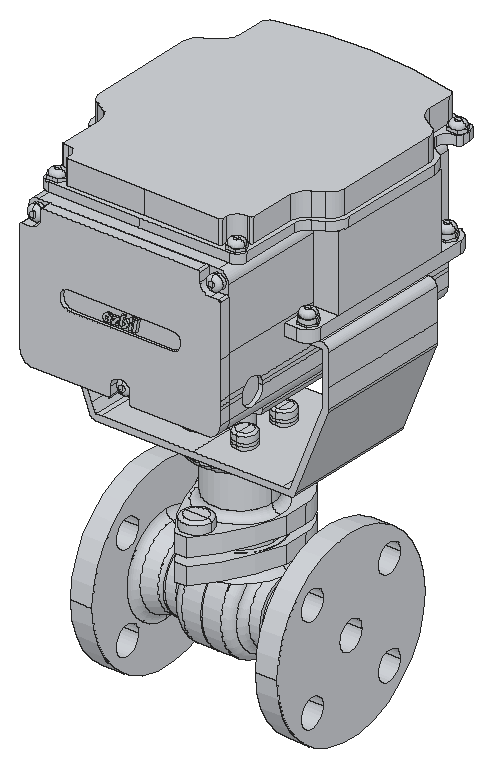
Revit family "電動二方弁(ロゴあり)", category Electrical Equipment, Revit 2020 (continued)
Automatic sketch dimensions
  Revolve 33 sketch curve to Revolve 33 sketch curve = 0 mm  (x3)
  Revolve 34 sketch curve to plane 1 "中心(正面/背面)" = 6.975 mm
  Revolve 34 sketch curve to Revolve 34 sketch curve = 5.525 mm
  level to Revolve 34 sketch curve = 125.7 mm
  Revolve 34 sketch curve to Revolve 34 sketch curve = 1.6 mm
  Revolve 34 sketch curve to Revolve 34 sketch curve = 3.2 mm
  Revolve 34 sketch curve to Revolve 34 sketch curve = 0 mm  (x3)
  Revolve 35 sketch curve to plane 3 "中心(左/右)" = 0 mm  (x2)
  Revolve 35 sketch curve to plane 3 "中心(左/右)" = 4.75 mm
  level to Revolve 35 sketch curve = 137.956 mm
  Revolve 35 sketch curve to Revolve 35 sketch curve = 1.544 mm
  Revolve 35 sketch curve to Revolve 35 sketch curve = 0 mm  (x2)
  Revolve 36 sketch curve to plane 3 "中心(左/右)" = 0 mm  (x2)
  Revolve 36 sketch curve to Revolve 36 sketch curve = 10.268 mm
  Revolve 36 sketch curve to Revolve 36 sketch curve = 8.578 mm
  Revolve 36 sketch curve to Revolve 36 sketch curve = 1.153 mm
  Revolve 36 sketch curve to Revolve 36 sketch curve = 6.678 mm
  Revolve 36 sketch curve to Revolve 36 sketch curve = 2.476 mm
  level to Revolve 36 sketch curve = 65.495 mm
  Revolve 36 sketch curve to Revolve 36 sketch curve = 2.236 mm
  Revolve 36 sketch curve to Revolve 36 sketch curve = 3.62 mm
  Revolve 36 sketch curve to Revolve 36 sketch curve = 4.769 mm
  Revolve 36 sketch curve to Revolve 36 sketch curve = 3.897 mm
  Revolve 36 sketch curve to Revolve 36 sketch curve = 0 mm  (x2)
  Extrusion 37 sketch curve to plane 3 "中心(左/右)" = 47 mm
  Extrusion 37 sketch curve to Extrusion 37 sketch curve = 2.5 mm
  Extrusion 37 sketch curve to Extrusion 37 sketch curve = 3 mm
  Extrusion 37 sketch curve to Extrusion 37 sketch curve = 1.558 mm
  plane 3 "中心(左/右)" to Extrusion 37 sketch curve = 44 mm
  Extrusion 37 sketch curve to Extrusion 37 sketch curve = 0.5 mm
  Extrusion 37 sketch curve to Extrusion 37 sketch curve = 0.525 mm
  Extrusion 37 sketch curve to Extrusion 37 sketch curve = 2.475 mm
  level to Extrusion 37 sketch curve = 164.5 mm
  Extrusion 37 sketch curve to Extrusion 37 sketch curve = 1.5 mm
  Extrusion 37 sketch curve to Extrusion 37 sketch curve = 1.652 mm
  Extrusion 37 sketch curve to Extrusion 37 sketch curve = 1.962 mm
  Revolve 38 sketch curve to plane 3 "中心(左/右)" = 0 mm  (x2)
  Revolve 38 sketch curve to plane 3 "中心(左/右)" = 5.688 mm
  Revolve 38 sketch curve to Revolve 38 sketch curve = 1.896 mm
  level to Revolve 38 sketch curve = 90.3 mm
  Revolve 38 sketch curve to Revolve 38 sketch curve = 3.216 mm
  Revolve 38 sketch curve to Revolve 38 sketch curve = 1.117 mm
  Revolve 38 sketch curve to Revolve 38 sketch curve = 0 mm  (x2)
  Revolve 39 sketch curve to plane 3 "中心(左/右)" = 0 mm  (x2)
  Revolve 39 sketch curve to plane 3 "中心(左/右)" = 16.5 mm
  Revolve 39 sketch curve to Revolve 39 sketch curve = 2 mm  (x2)
  Revolve 39 sketch curve to Revolve 39 sketch curve = 4 mm  (x2)
  level to Revolve 39 sketch curve = 90.3 mm
  Revolve 39 sketch curve to Revolve 39 sketch curve = 19 mm
  Revolve 39 sketch curve to Revolve 39 sketch curve = 0 mm  (x4)
  Revolve 40 sketch curve to plane 3 "中心(左/右)" = 0 mm  (x2)
  Revolve 40 sketch curve to plane 3 "中心(左/右)" = 4 mm
  level to Revolve 40 sketch curve = 77 mm
  Revolve 40 sketch curve to Revolve 40 sketch curve = 4.3 mm
  Revolve 40 sketch curve to Revolve 40 sketch curve = 1.5 mm
  Revolve 40 sketch curve to Revolve 40 sketch curve = 0 mm
  plane 3 "中心(左/右)" to Extrusion 41 sketch curve = 51.5 mm
  Extrusion 41 sketch curve to Extrusion 41 sketch curve = 5.8 mm
  Extrusion 41 sketch curve to Extrusion 41 sketch curve = 6 mm
  Extrusion 41 sketch curve to Extrusion 41 sketch curve = 6.5 mm
  Extrusion 41 sketch curve to Extrusion 41 sketch curve = 0.5 mm
  Extrusion 41 sketch curve to Extrusion 41 sketch curve = 3.7 mm
  Extrusion 41 sketch curve to Extrusion 41 sketch curve = 7 mm
  plane 1 "中心(正面/背面)" to Extrusion 41 sketch curve = 36.395 mm
  Extrusion 41 sketch curve to plane 1 "中心(正面/背面)" = 60.605 mm
  Extrusion 41 sketch curve to Extrusion 41 sketch curve = 0.7 mm
  Extrusion 41 sketch curve to Extrusion 41 sketch curve = 7.785 mm
  Extrusion 41 sketch curve to Extrusion 41 sketch curve = 2.098 mm
  Extrusion 41 sketch curve to Extrusion 41 sketch curve = 0 mm
  Extrusion 41 sketch curve to Extrusion 41 sketch curve = 1.226 mm
  Extrusion 42 sketch curve to plane 3 "中心(左/右)" = 51.5 mm
  Extrusion 42 sketch curve to Extrusion 42 sketch curve = 5.8 mm
  Extrusion 42 sketch curve to Extrusion 42 sketch curve = 6 mm
  Extrusion 42 sketch curve to Extrusion 42 sketch curve = 6.5 mm
  Extrusion 42 sketch curve to Extrusion 42 sketch curve = 0.5 mm
  Extrusion 42 sketch curve to Extrusion 42 sketch curve = 3.7 mm
  Extrusion 42 sketch curve to Extrusion 42 sketch curve = 7 mm
  Extrusion 42 sketch curve to plane 1 "中心(正面/背面)" = 69.302 mm
  Extrusion 42 sketch curve to Extrusion 42 sketch curve = 0.212 mm
  Extrusion 42 sketch curve to Extrusion 42 sketch curve = 7.997 mm
  Extrusion 42 sketch curve to Extrusion 42 sketch curve = 0.7 mm
  plane 1 "中心(正面/背面)" to Extrusion 42 sketch curve = 29.395 mm
  Extrusion 42 sketch curve to Extrusion 42 sketch curve = 0 mm
  Extrusion 42 sketch curve to Extrusion 42 sketch curve = 1.226 mm
  Extrusion 43 sketch curve to plane 3 "中心(左/右)" = 64.592 mm
  Extrusion 43 sketch curve to Extrusion 43 sketch curve = 3.729 mm
  Extrusion 43 sketch curve to Extrusion 43 sketch curve = 1.085 mm  (x2)
  Extrusion 43 sketch curve to Extrusion 43 sketch curve = 2.797 mm  (x4)
  Extrusion 43 sketch curve to Extrusion 43 sketch curve = 7.85 mm
  Extrusion 43 sketch curve to Extrusion 43 sketch curve = 2.643 mm
  Extrusion 43 sketch curve to level = 130.361 mm
  Extrusion 43 sketch curve to Extrusion 43 sketch curve = 1.447 mm
  Extrusion 44 sketch curve to plane 3 "中心(左/右)" = 28.5 mm
  plane 3 "中心(左/右)" to Extrusion 44 sketch curve = 28.5 mm
  level to Extrusion 44 sketch curve = 161 mm
  Extrusion 44 sketch curve to Extrusion 44 sketch curve = 0.788 mm
  Revolve 45 sketch curve to plane 3 "中心(左/右)" = 60.5 mm
  Revolve 45 sketch curve to Revolve 45 sketch curve = 2.25 mm
  level to Revolve 45 sketch curve = 197.236 mm
  Revolve 45 sketch curve to Revolve 45 sketch curve = 2.264 mm
  Revolve 45 sketch curve to Revolve 45 sketch curve = 0 mm
  Revolve 45 sketch curve to Revolve 45 sketch curve = 0.936 mm
  Revolve 45 sketch curve to Revolve 45 sketch curve = 1.8 mm
  Revolve 46 sketch curve to plane 3 "中心(左/右)" = 60.5 mm
  Revolve 46 sketch curve to Revolve 46 sketch curve = 2.25 mm
  level to Revolve 46 sketch curve = 197.236 mm
  Revolve 46 sketch curve to Revolve 46 sketch curve = 2.264 mm
  Revolve 46 sketch curve to Revolve 46 sketch curve = 0 mm
  Revolve 46 sketch curve to Revolve 46 sketch curve = 0.936 mm
  Revolve 46 sketch curve to Revolve 46 sketch curve = 1.8 mm
  plane 3 "中心(左/右)" to Revolve 47 sketch curve = 56.375 mm
  Revolve 47 sketch curve to Revolve 47 sketch curve = 2.25 mm
  level to Revolve 47 sketch curve = 197.236 mm
  Revolve 47 sketch curve to Revolve 47 sketch curve = 2.264 mm
  Revolve 47 sketch curve to Revolve 47 sketch curve = 0 mm
  Revolve 47 sketch curve to Revolve 47 sketch curve = 0.936 mm
  Revolve 47 sketch curve to Revolve 47 sketch curve = 1.8 mm
  plane 3 "中心(左/右)" to Revolve 48 sketch curve = 56.375 mm
  Revolve 48 sketch curve to Revolve 48 sketch curve = 2.25 mm
  level to Revolve 48 sketch curve = 197.236 mm
  Revolve 48 sketch curve to Revolve 48 sketch curve = 2.264 mm
  Revolve 48 sketch curve to Revolve 48 sketch curve = 0 mm
  Revolve 48 sketch curve to Revolve 48 sketch curve = 0.936 mm
  Revolve 48 sketch curve to Revolve 48 sketch curve = 1.8 mm
  Extrusion 49 sketch curve to plane 1 "中心(正面/背面)" = 25.952 mm
  Extrusion 49 sketch curve to plane 3 "中心(左/右)" = 74.125 mm
  Extrusion 49 sketch curve to plane 1 "中心(正面/背面)" = 13.532 mm  (x2)
  Extrusion 49 sketch curve to plane 3 "中心(左/右)" = 23 mm
  Extrusion 49 sketch curve to plane 3 "中心(左/右)" = 6.954 mm
  Extrusion 49 sketch curve to plane 3 "中心(左/右)" = 3.046 mm
  Extrusion 49 sketch curve to plane 3 "中心(左/右)" = 1.923 mm
  plane 3 "中心(左/右)" to Extrusion 49 sketch curve = 1.923 mm
  plane 3 "中心(左/右)" to Extrusion 49 sketch curve = 3.046 mm
  plane 3 "中心(左/右)" to Extrusion 49 sketch curve = 6.954 mm
  Extrusion 49 sketch curve to Extrusion 49 sketch curve = 51.125 mm
  Extrusion 49 sketch curve to plane 1 "中心(正面/背面)" = 1.214 mm  (x2)
  Revolve 50 sketch curve to plane 3 "中心(左/右)" = 0 mm  (x2)
  Revolve 50 sketch curve to plane 3 "中心(左/右)" = 23 mm
  Revolve 50 sketch curve to Revolve 50 sketch curve = 2 mm  (x2)
  level to Revolve 50 sketch curve = 115.3 mm
  Revolve 50 sketch curve to Revolve 50 sketch curve = 5.2 mm
  Revolve 50 sketch curve to Revolve 50 sketch curve = 0.2 mm
  Extrusion 51 sketch curve to plane 1 "中心(正面/背面)" = 25.952 mm
  Extrusion 51 sketch curve to plane 3 "中心(左/右)" = 74.125 mm
  Extrusion 51 sketch curve to plane 1 "中心(正面/背面)" = 13.532 mm  (x2)
  Extrusion 51 sketch curve to plane 3 "中心(左/右)" = 23 mm
  Extrusion 51 sketch curve to plane 3 "中心(左/右)" = 6.954 mm
  Extrusion 51 sketch curve to plane 3 "中心(左/右)" = 3.046 mm
  Extrusion 51 sketch curve to plane 3 "中心(左/右)" = 1.923 mm
  plane 3 "中心(左/右)" to Extrusion 51 sketch curve = 1.923 mm
  plane 3 "中心(左/右)" to Extrusion 51 sketch curve = 3.046 mm
  plane 3 "中心(左/右)" to Extrusion 51 sketch curve = 6.954 mm
  Extrusion 51 sketch curve to Extrusion 51 sketch curve = 51.125 mm
  Extrusion 51 sketch curve to plane 1 "中心(正面/背面)" = 1.214 mm  (x2)
  Revolve 52 sketch curve to plane 3 "中心(左/右)" = 0 mm  (x2)
  Revolve 52 sketch curve to plane 3 "中心(左/右)" = 17.5 mm
  level to Revolve 52 sketch curve = 77 mm
  Revolve 52 sketch curve to Revolve 52 sketch curve = 4.3 mm
  Revolve 52 sketch curve to Revolve 52 sketch curve = 0 mm  (x2)
  Extrusion 53 sketch curve to plane 1 "中心(正面/背面)" = 24.749 mm
  level to Extrusion 53 sketch curve = 72.249 mm
  Extrusion 54 sketch curve to plane 1 "中心(正面/背面)" = 24.749 mm
  level to Extrusion 54 sketch curve = 22.751 mm
  plane 1 "中心(正面/背面)" to Extrusion 55 sketch curve = 24.749 mm
  level to Extrusion 55 sketch curve = 22.751 mm
  plane 1 "中心(正面/背面)" to Extrusion 56 sketch curve = 24.749 mm
  level to Extrusion 56 sketch curve = 22.751 mm
  Extrusion 57 sketch curve to plane 1 "中心(正面/背面)" = 0 mm
  level to Extrusion 57 sketch curve = 47.5 mm
  plane 1 "中心(正面/背面)" to Revolve 58 sketch curve = 75.7 mm
  Revolve 58 sketch curve to Revolve 58 sketch curve = 2 mm
  Revolve 58 sketch curve to Revolve 58 sketch curve = 0.6 mm
  level to Revolve 58 sketch curve = 238.5 mm
  Revolve 58 sketch curve to Revolve 58 sketch curve = 1.75 mm
  Revolve 58 sketch curve to Revolve 58 sketch curve = 0 mm  (x3)
  plane 1 "中心(正面/背面)" to Revolve 59 sketch curve = 73.1 mm
  Revolve 59 sketch curve to Revolve 59 sketch curve = 1.6 mm
  level to Revolve 59 sketch curve = 238.5 mm
  Revolve 59 sketch curve to Revolve 59 sketch curve = 3.75 mm
  Revolve 59 sketch curve to Revolve 59 sketch curve = 0 mm  (x3)
  plane 1 "中心(正面/背面)" to Revolve 60 sketch curve = 75.7 mm
  Revolve 60 sketch curve to Revolve 60 sketch curve = 2 mm
  Revolve 60 sketch curve to Revolve 60 sketch curve = 0.6 mm
  level to Revolve 60 sketch curve = 238.5 mm
  Revolve 60 sketch curve to Revolve 60 sketch curve = 1.75 mm
  Revolve 60 sketch curve to Revolve 60 sketch curve = 0 mm  (x3)
  plane 1 "中心(正面/背面)" to Revolve 61 sketch curve = 73.1 mm
  Revolve 61 sketch curve to Revolve 61 sketch curve = 1.6 mm
  level to Revolve 61 sketch curve = 238.5 mm
  Revolve 61 sketch curve to Revolve 61 sketch curve = 3.75 mm
  Revolve 61 sketch curve to Revolve 61 sketch curve = 0 mm  (x3)
  plane 1 "中心(正面/背面)" to Revolve 62 sketch curve = 75.7 mm
  Revolve 62 sketch curve to Revolve 62 sketch curve = 2 mm
  Revolve 62 sketch curve to Revolve 62 sketch curve = 0.6 mm
  level to Revolve 62 sketch curve = 174.5 mm
  Revolve 62 sketch curve to Revolve 62 sketch curve = 1.75 mm
  Revolve 62 sketch curve to Revolve 62 sketch curve = 0 mm  (x3)
  plane 1 "中心(正面/背面)" to Revolve 63 sketch curve = 73.1 mm
  Revolve 63 sketch curve to Revolve 63 sketch curve = 1.6 mm
  level to Revolve 63 sketch curve = 174.5 mm
  Revolve 63 sketch curve to Revolve 63 sketch curve = 3.75 mm
  Revolve 63 sketch curve to Revolve 63 sketch curve = 0 mm  (x3)
  Extrusion 64 sketch curve to plane 3 "中心(左/右)" = 65 mm
  Extrusion 64 sketch curve to Extrusion 64 sketch curve = 13.382 mm
  Extrusion 64 sketch curve to Extrusion 64 sketch curve = 5.3 mm  (x2)
  level to Extrusion 64 sketch curve = 205.5 mm
  Extrusion 64 sketch curve to Extrusion 64 sketch curve = 33.2 mm
  Extrusion 64 sketch curve to Extrusion 64 sketch curve = 0 mm
  Extrusion 65 sketch curve to plane 3 "中心(左/右)" = 65 mm
  Extrusion 65 sketch curve to Extrusion 65 sketch curve = 13.382 mm
  Extrusion 65 sketch curve to Extrusion 65 sketch curve = 5.3 mm  (x2)
  Extrusion 65 sketch curve to level = 205.5 mm
  Extrusion 65 sketch curve to Extrusion 65 sketch curve = 33.2 mm
  Extrusion 65 sketch curve to Extrusion 65 sketch curve = 0 mm
  Extrusion 66 sketch curve to plane 3 "中心(左/右)" = 7.352 mm
  Extrusion 66 sketch curve to Extrusion 66 sketch curve = 0.489 mm
  Extrusion 66 sketch curve to Extrusion 66 sketch curve = 0.491 mm
  Extrusion 66 sketch curve to Extrusion 66 sketch curve = 0.142 mm
  Extrusion 66 sketch curve to Extrusion 66 sketch curve = 0.117 mm
  Extrusion 66 sketch curve to Extrusion 66 sketch curve = 0.229 mm
  Extrusion 66 sketch curve to Extrusion 66 sketch curve = 1.394 mm
  Extrusion 66 sketch curve to Extrusion 66 sketch curve = 0.569 mm
  Extrusion 66 sketch curve to Extrusion 66 sketch curve = 0.155 mm
  Extrusion 66 sketch curve to Extrusion 66 sketch curve = 0.378 mm
  Extrusion 66 sketch curve to Extrusion 66 sketch curve = 0.2 mm
  Extrusion 66 sketch curve to Extrusion 66 sketch curve = 1.855 mm
  Extrusion 66 sketch curve to Extrusion 66 sketch curve = 1.579 mm
  Extrusion 66 sketch curve to plane 3 "中心(左/右)" = 0.981 mm
  Extrusion 66 sketch curve to plane 3 "中心(左/右)" = 0.781 mm
  Extrusion 66 sketch curve to plane 3 "中心(左/右)" = 0.508 mm
  Extrusion 66 sketch curve to plane 3 "中心(左/右)" = 0.342 mm
  Extrusion 66 sketch curve to plane 3 "中心(左/右)" = 0.164 mm
  plane 3 "中心(左/右)" to Extrusion 66 sketch curve = 0.657 mm
  plane 3 "中心(左/右)" to Extrusion 66 sketch curve = 1.092 mm
  Extrusion 66 sketch curve to Extrusion 66 sketch curve = 0.289 mm
  Extrusion 66 sketch curve to Extrusion 66 sketch curve = 0.328 mm
  Extrusion 66 sketch curve to Extrusion 66 sketch curve = 0.178 mm
  Extrusion 66 sketch curve to Extrusion 66 sketch curve = 1.372 mm  (x3)
  Extrusion 66 sketch curve to Extrusion 66 sketch curve = 0.631 mm
  Extrusion 66 sketch curve to Extrusion 66 sketch curve = 1.319 mm
  Extrusion 66 sketch curve to Extrusion 66 sketch curve = 1.671 mm
  Extrusion 66 sketch curve to Extrusion 66 sketch curve = 2.215 mm
  Extrusion 66 sketch curve to Extrusion 66 sketch curve = 0.082 mm
  Extrusion 66 sketch curve to Extrusion 66 sketch curve = 1.435 mm
  Extrusion 66 sketch curve to Extrusion 66 sketch curve = 0.804 mm
  Extrusion 66 sketch curve to Extrusion 66 sketch curve = 2.601 mm
  Extrusion 66 sketch curve to Extrusion 66 sketch curve = 1.371 mm
  Extrusion 66 sketch curve to Extrusion 66 sketch curve = 1.566 mm
  level to Extrusion 66 sketch curve = 202.767 mm
  Extrusion 66 sketch curve to Extrusion 66 sketch curve = 0.735 mm
  Extrusion 66 sketch curve to Extrusion 66 sketch curve = 0.019 mm
  Extrusion 66 sketch curve to Extrusion 66 sketch curve = 0.754 mm  (x2)
  Extrusion 66 sketch curve to Extrusion 66 sketch curve = 0 mm  (x2)
  Extrusion 66 sketch curve to Extrusion 66 sketch curve = 0.88 mm
  Extrusion 66 sketch curve to Extrusion 66 sketch curve = 1.02 mm
  Extrusion 66 sketch curve to Extrusion 66 sketch curve = 1.135 mm
  Extrusion 66 sketch curve to Extrusion 66 sketch curve = 0.115 mm
  Extrusion 66 sketch curve to Extrusion 66 sketch curve = 0.255 mm
  Extrusion 66 sketch curve to Extrusion 66 sketch curve = 0.417 mm
  Extrusion 66 sketch curve to Extrusion 66 sketch curve = 0.589 mm
  Extrusion 66 sketch curve to Extrusion 66 sketch curve = 0.605 mm
  Extrusion 66 sketch curve to Extrusion 66 sketch curve = 1.352 mm
  Extrusion 66 sketch curve to Extrusion 66 sketch curve = 0.664 mm
  Extrusion 66 sketch curve to Extrusion 66 sketch curve = 0.822 mm
  Extrusion 66 sketch curve to Extrusion 66 sketch curve = 1.703 mm
  Extrusion 66 sketch curve to Extrusion 66 sketch curve = 0.199 mm
  Extrusion 66 sketch curve to Extrusion 66 sketch curve = 0.423 mm
  Extrusion 66 sketch curve to Extrusion 66 sketch curve = 1.398 mm
  Extrusion 66 sketch curve to Extrusion 66 sketch curve = 0.361 mm
  Extrusion 66 sketch curve to Extrusion 66 sketch curve = 1.151 mm
  Extrusion 66 sketch curve to Extrusion 66 sketch curve = 0.851 mm
  Extrusion 66 sketch curve to Extrusion 66 sketch curve = 2.516 mm
  Extrusion 66 sketch curve to Extrusion 66 sketch curve = 1.991 mm
  Extrusion 66 sketch curve to Extrusion 66 sketch curve = 1.645 mm
  Extrusion 66 sketch curve to Extrusion 66 sketch curve = 0.338 mm
  plane 3 "中心(左/右)" to Extrusion 66 sketch curve = 0.171 mm
  Extrusion 66 sketch curve to Extrusion 66 sketch curve = 0.13 mm
  Extrusion 66 sketch curve to Extrusion 66 sketch curve = 0.662 mm
  Extrusion 66 sketch curve to Extrusion 66 sketch curve = 1.164 mm
  Extrusion 67 sketch curve to plane 3 "中心(左/右)" = 7.567 mm
  plane 3 "中心(左/右)" to Extrusion 67 sketch curve = 1.228 mm
  level to Extrusion 67 sketch curve = 204.646 mm
  Extrusion 67 sketch curve to Extrusion 67 sketch curve = 0.831 mm  (x2)
  Extrusion 67 sketch curve to Extrusion 67 sketch curve = 0.039 mm
  Extrusion 68 sketch curve to plane 3 "中心(左/右)" = 25.841 mm
  plane 3 "中心(左/右)" to Extrusion 68 sketch curve = 26.159 mm
  level to Extrusion 68 sketch curve = 201.5 mm
  Extrusion 68 sketch curve to Extrusion 68 sketch curve = 5 mm
  Revolve 69 sketch curve to plane 3 "中心(左/右)" = 61.28 mm
  Revolve 69 sketch curve to Revolve 69 sketch curve = 1.501 mm
  Revolve 69 sketch curve to Revolve 69 sketch curve = 1.75 mm
  level to Revolve 69 sketch curve = 208.5 mm
  Revolve 69 sketch curve to Revolve 69 sketch curve = 1.322 mm
  Revolve 69 sketch curve to Revolve 69 sketch curve = 0 mm  (x2)
  Revolve 69 sketch curve to Revolve 69 sketch curve = 0.722 mm
  Extrusion 70 sketch curve to plane 3 "中心(左/右)" = 58 mm
  Extrusion 70 sketch curve to plane 1 "中心(正面/背面)" = 59.98 mm
  Extrusion 71 sketch curve to plane 3 "中心(左/右)" = 62.907 mm
  Extrusion 71 sketch curve to Extrusion 71 sketch curve = 2.454 mm  (x5)
  Extrusion 71 sketch curve to Extrusion 71 sketch curve = 4.907 mm
  Extrusion 71 sketch curve to plane 1 "中心(正面/背面)" = 55.73 mm
  Extrusion 71 sketch curve to Extrusion 71 sketch curve = 4.25 mm  (x3)
  Revolve 72 sketch curve to plane 3 "中心(左/右)" = 61.28 mm
  Revolve 72 sketch curve to Revolve 72 sketch curve = 1.501 mm
  Revolve 72 sketch curve to Revolve 72 sketch curve = 1.75 mm
  level to Revolve 72 sketch curve = 208.5 mm
  Revolve 72 sketch curve to Revolve 72 sketch curve = 1.322 mm
  Revolve 72 sketch curve to Revolve 72 sketch curve = 0 mm  (x2)
  Revolve 72 sketch curve to Revolve 72 sketch curve = 0.722 mm
  plane 3 "中心(左/右)" to Extrusion 73 sketch curve = 58.5 mm
  plane 1 "中心(正面/背面)" to Extrusion 73 sketch curve = 29.395 mm
  plane 3 "中心(左/右)" to Extrusion 74 sketch curve = 53.593 mm
  plane 1 "中心(正面/背面)" to Extrusion 74 sketch curve = 25.145 mm
  Extrusion 74 sketch curve to Extrusion 74 sketch curve = 2.454 mm  (x5)
  Extrusion 74 sketch curve to Extrusion 74 sketch curve = 4.907 mm
  plane 1 "中心(正面/背面)" to Extrusion 74 sketch curve = 29.395 mm
  Extrusion 74 sketch curve to Extrusion 74 sketch curve = 4.25 mm  (x2)
  plane 3 "中心(左/右)" to Revolve 75 sketch curve = 55.22 mm
  Revolve 75 sketch curve to Revolve 75 sketch curve = 1.501 mm
  Revolve 75 sketch curve to Revolve 75 sketch curve = 1.75 mm
  level to Revolve 75 sketch curve = 208.5 mm
  Revolve 75 sketch curve to Revolve 75 sketch curve = 1.322 mm
  Revolve 75 sketch curve to Revolve 75 sketch curve = 0 mm  (x2)
  Revolve 75 sketch curve to Revolve 75 sketch curve = 0.722 mm
  plane 3 "中心(左/右)" to Extrusion 76 sketch curve = 58.5 mm
  Extrusion 76 sketch curve to plane 1 "中心(正面/背面)" = 59.98 mm
  plane 3 "中心(左/右)" to Extrusion 77 sketch curve = 53.593 mm
  Extrusion 77 sketch curve to Extrusion 77 sketch curve = 2.454 mm  (x5)
  Extrusion 77 sketch curve to Extrusion 77 sketch curve = 4.907 mm
  Extrusion 77 sketch curve to plane 1 "中心(正面/背面)" = 55.73 mm
  Extrusion 77 sketch curve to Extrusion 77 sketch curve = 4.25 mm  (x3)
  plane 3 "中心(左/右)" to Revolve 78 sketch curve = 55.22 mm
  Revolve 78 sketch curve to Revolve 78 sketch curve = 1.501 mm
  Revolve 78 sketch curve to Revolve 78 sketch curve = 1.75 mm
  level to Revolve 78 sketch curve = 208.5 mm
  Revolve 78 sketch curve to Revolve 78 sketch curve = 1.322 mm
  Revolve 78 sketch curve to Revolve 78 sketch curve = 0 mm  (x2)
  Revolve 78 sketch curve to Revolve 78 sketch curve = 0.722 mm
  plane 3 "中心(左/右)" to Revolve 79 sketch curve = 50.936 mm
  Revolve 79 sketch curve to Revolve 79 sketch curve = 1.908 mm
  Revolve 79 sketch curve to Revolve 79 sketch curve = 1.75 mm
  level to Revolve 79 sketch curve = 250.1 mm
  Revolve 79 sketch curve to Revolve 79 sketch curve = 0.6 mm
  Revolve 79 sketch curve to Revolve 79 sketch curve = 0 mm  (x3)
  Revolve 80 sketch curve to plane 3 "中心(左/右)" = 57.314 mm
  Revolve 80 sketch curve to Revolve 80 sketch curve = 1.908 mm
  Revolve 80 sketch curve to Revolve 80 sketch curve = 1.75 mm
  level to Revolve 80 sketch curve = 250.1 mm
  Revolve 80 sketch curve to Revolve 80 sketch curve = 0.6 mm
  Revolve 80 sketch curve to Revolve 80 sketch curve = 0 mm  (x3)
  plane 3 "中心(左/右)" to Extrusion 81 sketch curve = 49.531 mm
  Extrusion 81 sketch curve to Extrusion 81 sketch curve = 2.133 mm  (x2)
  Extrusion 81 sketch curve to Extrusion 81 sketch curve = 2.177 mm
  Extrusion 81 sketch curve to Extrusion 81 sketch curve = 2.731 mm  (x2)
  Extrusion 81 sketch curve to Extrusion 81 sketch curve = 5.55 mm
  Extrusion 81 sketch curve to plane 1 "中心(正面/背面)" = 68.153 mm
  Extrusion 81 sketch curve to Extrusion 81 sketch curve = 3.694 mm  (x2)
  Extrusion 81 sketch curve to Extrusion 81 sketch curve = 3.771 mm
  Extrusion 82 sketch curve to plane 3 "中心(左/右)" = 58.719 mm
  Extrusion 82 sketch curve to Extrusion 82 sketch curve = 2.133 mm  (x2)
  Extrusion 82 sketch curve to Extrusion 82 sketch curve = 2.177 mm
  Extrusion 82 sketch curve to Extrusion 82 sketch curve = 2.731 mm  (x2)
  Extrusion 82 sketch curve to Extrusion 82 sketch curve = 5.55 mm
  Extrusion 82 sketch curve to plane 1 "中心(正面/背面)" = 68.153 mm
  Extrusion 82 sketch curve to Extrusion 82 sketch curve = 3.694 mm  (x2)
  Extrusion 82 sketch curve to Extrusion 82 sketch curve = 3.771 mm
  Extrusion 1 sketch curve to plane 1 "中心(正面/背面)" = 0 mm
  level to Extrusion 1 sketch curve = 47.437 mm
  Extrusion 7 sketch curve to plane 1 "中心(正面/背面)" = 0 mm
  level to Extrusion 7 sketch curve = 47.437 mm
  plane 1 "中心(正面/背面)" to Extrusion 83 sketch curve = 56.39 mm
  level to Extrusion 83 sketch curve = 182.782 mm
  plane 1 "中心(正面/背面)" to Extrusion 84 sketch curve = 56.39 mm
  level to Extrusion 84 sketch curve = 182.782 mm
  radius of Extrusion 2 sketch curve = 7.5 mm
  radius of Extrusion 3 sketch curve = 7.5 mm
  radius of Extrusion 4 sketch curve = 7.5 mm
  radius of Extrusion 5 sketch curve = 7.5 mm
  radius of Extrusion 6 sketch curve = 7.5 mm
  radius of Extrusion 8 sketch curve = 7.5 mm
  radius of Extrusion 12 sketch curve = 4.25 mm
  radius of Extrusion 53 sketch curve = 7.5 mm
  radius of Extrusion 54 sketch curve = 7.5 mm
  radius of Extrusion 55 sketch curve = 7.5 mm
  radius of Extrusion 56 sketch curve = 7.5 mm
  radius of Extrusion 57 sketch curve = 7.5 mm
  radius of Extrusion 70 sketch curve = 4.25 mm
  radius of Extrusion 73 sketch curve = 4.25 mm
  radius of Extrusion 76 sketch curve = 4.25 mm
Connectors
  cabletrayconduit at (-48.8, -56.39, 182.782), diameter 14.031, driven by "配線φ(左側)"
    settings: on cut or joined group of Extrusion 22, Extrusion 83, Extrusion 84, index 3, connector width 300 mm, connector height 300 mm, connector angle 0.00°, system type 32, placement type 0, profile type 0, connector reference index -1, is primary connector yes, connector utility param no, connector description ""
  cabletrayconduit at (-48.8, -56.39, 182.782), diameter 14.031, driven by "配線φ(左側)"
    settings: on cut or joined group of Extrusion 22, Extrusion 83, Extrusion 84, index 4, connector width 300 mm, connector height 300 mm, connector angle 0.00°, system type 32, placement type 0, profile type 0, connector reference index -1, is primary connector no, connector utility param no, connector description ""
  cabletrayconduit at (48.8, -56.39, 182.782), diameter 14.031, driven by "配線φ(右側)"
    settings: on cut or joined group of Extrusion 22, Extrusion 83, Extrusion 84, index 5, connector width 300 mm, connector height 300 mm, connector angle 0.00°, system type 32, placement type 0, profile type 0, connector reference index -1, is primary connector no, connector utility param no, connector description ""
